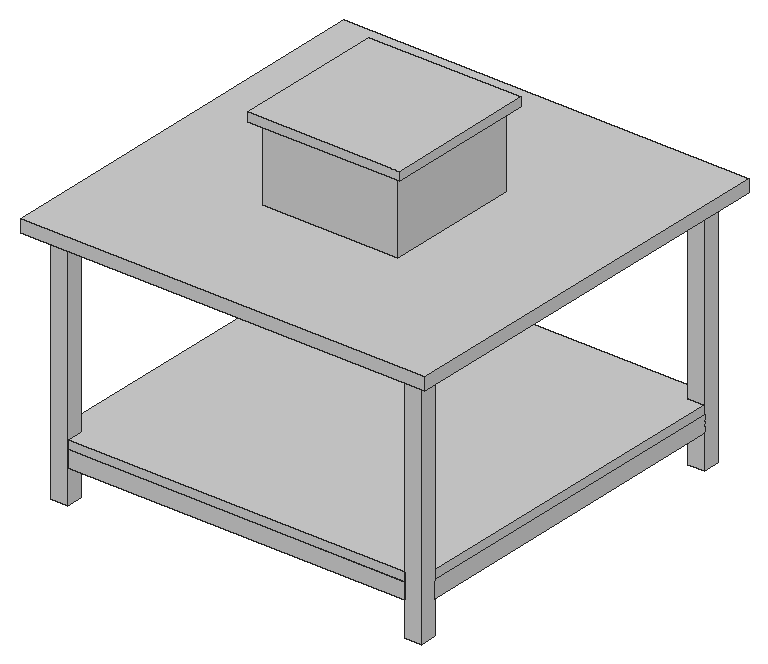
Revit family "WT", category Specialty Equipment, Revit 2012
Parameters (values of type "Wooden Table Display (Default)")
  Width = 4' - 0"
  URL = "http://madixinc.com/display/freestanding.html"
  Model = "Wooden Table Display"
  Manufacturer = "© 2012 Madix, Inc. All rights reserved."
Reference planes (in)
  plane 1 "Center (Front/Back)": y = 0
  plane 2: z = 0
  plane 3 "Center (Left/Right)": x = 0
  plane 4: y = 24
  plane 5: y = -24
  plane 6: x = -24
  plane 7: x = 24
  plane 8: z = 30
  plane 9: z = 40
  plane 10: x = -9
  plane 11: y = 9
  plane 12: y = -9
  plane 13: x = 9
  plane 14: z = 28.5
  plane 15: z = 4
  plane 16: z = 6
  plane 17: x = -22
  plane 18: x = 22
  plane 19: z = 7
  plane 20: y = -22
  plane 21: y = 22
  plane 22: x = -20
  plane 23: x = 20
  plane 24: y = -20
  plane 25: y = 20
  plane 26: x = -22
  plane 27: y = 8
  plane 28: x = -8
  plane 29: x = 8
  plane 30: y = -8
  plane 31: z = 39
Forms (in)
  Extrusion 1, solid, material "Metal - Steel"
    sketch origin (0, 0, 0) x (1, 0, 0) y (0, 1, 0)
      loop
        line (-9, 9) -> (-9, -9) -> (9, -9) -> (9, 9) -> (-9, 9)
    from 39 to 40
  Extrusion 2, solid, material "Metal - Steel"
    sketch origin (0, 0, 0) x (1, 0, 0) y (0, 1, 0)
      loop
        line (-24, 24) -> (-24, -24) -> (24, -24) -> (24, 24) -> (-24, 24)
    from 28.5 to 30
  Extrusion 3, solid, material "Metal - Steel"
    sketch origin (0, 0, 0) x (1, 0, 0) y (0, 1, 0)
      loop
        line (-22, 22) -> (-22, 20) -> (-20, 20) -> (-20, 22) -> (-22, 22)
      loop
        line (22, 22) -> (20, 22) -> (20, 20) -> (22, 20) -> (22, 22)
      loop
        line (-22, -22) -> (-20, -22) -> (-20, -20) -> (-22, -20) -> (-22, -22)
      loop
        line (22, -22) -> (22, -20) -> (20, -20) -> (20, -22) -> (22, -22)
    from 0 to 28.5
  Extrusion 4, solid, material "Metal - Steel"
    sketch origin (0, 0, 0) x (1, 0, 0) y (0, 1, 0)
      loop
        line (-22, 20) -> (-22, -20) -> (-20, -20) -> (-20, -22) -> (20, -22) -> (20, -20) -> (22, -20) -> (22, 20) -> (20, 20) -> (20, 22) -> (-20, 22) -> (-20, 20) -> (-22, 20)
    from 4 to 6
  Extrusion 5, solid, material "Metal - Steel"
    sketch origin (0, 0, 0) x (1, 0, 0) y (0, 1, 0)
      loop
        line (-22, 20) -> (-22, -20) -> (-20, -20) -> (-20, -22) -> (20, -22) -> (20, -20) -> (22, -20) -> (22, 20) -> (20, 20) -> (20, 22) -> (-20, 22) -> (-20, 20) -> (-22, 20)
    from 6 to 7
  Extrusion 6, solid, material "Metal - Steel"
    sketch origin (0, 0, 0) x (1, 0, 0) y (0, 1, 0)
      loop
        line (-8, 8) -> (-8, -8) -> (8, -8) -> (8, 8) -> (-8, 8)
    from 30 to 39
Dimensions and locks (in)
  equal spacing: plane 4, plane 1 "Center (Front/Back)", plane 5
  "Width": plane 4 to plane 5
  equal spacing: plane 6, plane 3 "Center (Left/Right)", plane 7
  "Width": plane 6 to plane 7
  locked: plane 4 to plane 21 at 2
  locked: plane 20 to plane 5 at 2
  locked: plane 18 to plane 7 at 2
  locked: plane 17 to plane 22 at 2
  locked: plane 23 to plane 18 at 2
  locked: plane 25 to plane 21 at 2
  locked: plane 24 to plane 20 at 2
  locked: Extrusion 2 to plane 26 at 2
  locked: plane 6 to plane 17 at 2
  aligned and locked: level to plane 2
  aligned and locked: Extrusion 3 to plane 21  (x2)
  aligned and locked: Extrusion 3 to plane 18  (x2)
  aligned and locked: Extrusion 3 to plane 20  (x2)
  aligned and locked: Extrusion 3 to plane 17  (x2)
  aligned and locked: Extrusion 2 to plane 6
  aligned and locked: plane 24 to Extrusion 3
  aligned and locked: plane 25 to Extrusion 3
  aligned and locked: plane 26 to plane 17
  aligned and locked: Extrusion 4 to plane 17
  aligned and locked: Extrusion 4 to plane 20
  aligned and locked: Extrusion 4 to plane 18
  aligned and locked: Extrusion 4 to plane 21
  aligned and locked: Extrusion 5 to plane 17
  aligned and locked: Extrusion 5 to plane 20
  aligned and locked: Extrusion 5 to plane 18
  aligned and locked: Extrusion 5 to plane 21
Automatic sketch dimensions
  Extrusion 1 sketch curve to plane 10 = 0' - 0"
  plane 12 to Extrusion 1 sketch curve = 0' - 0"
  Extrusion 1 sketch curve to plane 13 = 0' - 0"
  Extrusion 1 sketch curve to plane 11 = 0' - 0"
  plane 5 to Extrusion 2 sketch curve = 0' - 0"
  Extrusion 2 sketch curve to plane 6 = 0' - 0"
  Extrusion 2 sketch curve to plane 7 = 0' - 0"
  Extrusion 2 sketch curve to plane 4 = 0' - 0"
  Extrusion 3 sketch curve to plane 17 = 0' - 0"  (x2)
  Extrusion 3 sketch curve to plane 22 = 0' - 0"  (x2)
  plane 21 to Extrusion 3 sketch curve = 0' - 0"  (x2)
  Extrusion 3 sketch curve to plane 20 = 0' - 0"  (x2)
  Extrusion 3 sketch curve to plane 18 = 0' - 0"  (x2)
  Extrusion 3 sketch curve to Extrusion 3 sketch curve = 0' - 2"  (x5)
  plane 20 to Extrusion 3 sketch curve = 0' - 2"
  Extrusion 4 sketch curve to plane 17 = 0' - 0"
  plane 21 to Extrusion 4 sketch curve = 0' - 0"
  Extrusion 4 sketch curve to plane 22 = 0' - 0"  (x2)
  Extrusion 4 sketch curve to plane 20 = 0' - 0"
  Extrusion 4 sketch curve to plane 23 = 0' - 0"  (x2)
  Extrusion 4 sketch curve to plane 18 = 0' - 0"
  Extrusion 4 sketch curve to plane 24 = 0' - 0"  (x2)
  Extrusion 4 sketch curve to plane 25 = 0' - 0"  (x2)
  Extrusion 5 sketch curve to plane 17 = 0' - 0"
  plane 21 to Extrusion 5 sketch curve = 0' - 0"
  Extrusion 5 sketch curve to plane 22 = 0' - 0"  (x2)
  Extrusion 5 sketch curve to plane 20 = 0' - 0"
  Extrusion 5 sketch curve to plane 23 = 0' - 0"  (x2)
  Extrusion 5 sketch curve to plane 18 = 0' - 0"
  Extrusion 5 sketch curve to plane 24 = 0' - 0"  (x2)
  Extrusion 5 sketch curve to plane 25 = 0' - 0"  (x2)
  Extrusion 6 sketch curve to plane 28 = 0' - 0"
  Extrusion 6 sketch curve to plane 29 = 0' - 0"
  plane 30 to Extrusion 6 sketch curve = 0' - 0"
  Extrusion 6 sketch curve to plane 27 = 0' - 0"
